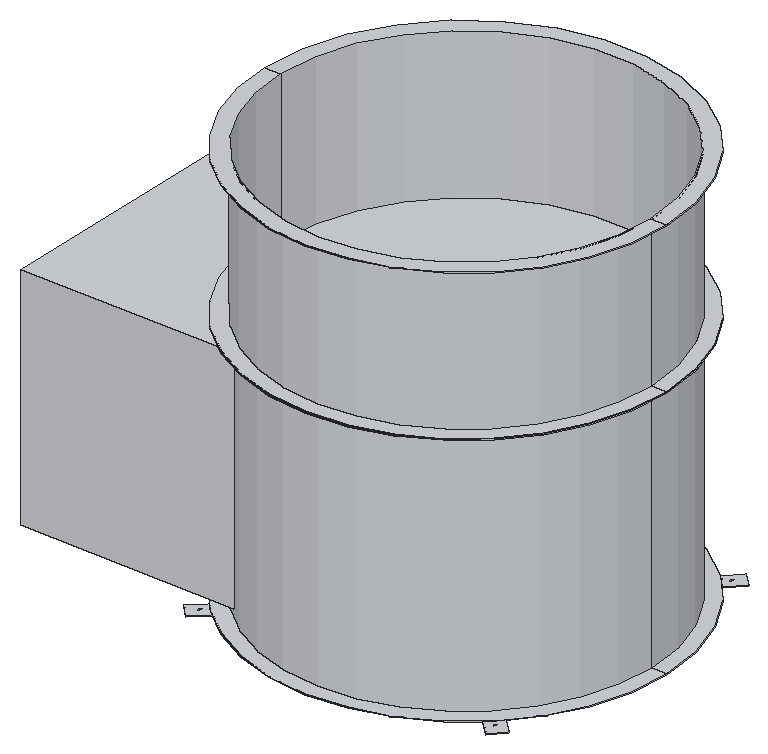
Revit family "AFBV-C_Upblast_Floor_Mount", category Mechanical Equipment, Revit 2019
Family settings
  Round Connector Dimension = Use Radius
  Part Type = Normal
  Work Plane-Based = No
  Always vertical = Yes
  Cut with Voids When Loaded = No
  Shared = No
  Room Calculation Point = No
Parameters (values of type "60_AFBV-C_UPBLAST_FLOOR")
  VANE = 2' - 1"
  Unit Weight [instance] = ""
  ModelID [instance] = ""
  L/2 = L / 2  # 2' - 0 17/32"
  L = 4' - 1 1/16"
  K/2 = K / 2  # 0' - 0 7/32"
  K = 0' - 0 7/16"
  J/2 = J / 2  # 2' - 10 11/16"
  Accessories [instance] = ""
  45 = 45.00°  # constant formula
  (L-1")/2 = (L - 0' 1") / 2  # 2' - 0 1/32"
  (J+(J-A))/2 = (J + ((J - A) / 2)) / 2  # 3' - 0 11/16"
  J = 5' - 9 3/8"
  CENTER = 0' - 0"  # constant formula
  H-(A/2) = H - (A / 2)  # 2' - 0 1/16"
  H+J = H + CENTER  # 4' - 6 3/4"
  H = 4' - 6 3/4"
  Sones [instance] = ""
  Motor RPM [instance] = ""
  Motor Enclosure [instance] = ""
  LwA [instance] = ""
  G = 12' - 0"
  Fan RPM [instance] = ""
  F/2 = F / 2  # 0' - 1 1/2"
  F = 0' - 3"
  E/2 = E / 2  # 1' - 9"
  E-2" = E - 0' 2"  # 3' - 4"
  E = 3' - 6"
  C/2+J = C / 2 + CENTER  # 2' - 7 13/16"
  C/2 = C / 2  # 2' - 7 13/16"
  C = 5' - 3 5/8"
  B/2 = B / 2  # 2' - 9 3/8"
  B = 5' - 6 3/4"
  A/3 = A / 2.5  # 2' - 0.55"
  A/2 = A / 2  # 2' - 6 11/16"
  A = 5' - 1 3/8"
  60 = 60.00°  # constant formula
  30 = 30.00°  # constant formula
  3" = 0' - 3"  # constant formula
  Brake Hp [instance] = ""
  4" = 0' - 4"  # constant formula
  2' = 2' - 0"
  2" = 0' - 2"  # constant formula
  1" = 0' - 1"  # constant formula
  0 = 0' - 0"  # constant formula
  Voltage [instance] = 0 V
  URL = "www.lorencook.com"
  Type Comments = "Tube Axial Fan Upblast Floor Mount Belt Drive Arrangement 9"  # constant formula
  Static Pressure [instance] = 0.00 in-wg
  Power [instance] = Voltage * Motor FLA * sqrt(if(Phase = 3, 3, 1))  # 0 VA
  Phase [instance] = 0
  Number of Poles [instance] = 1
  Motor Hp [instance] = "0"
  Motor FLA [instance] = 0 A
  Model = "AFBV-C"  # constant formula
  Manufacturer = "Loren Cook Company"
  CFM [instance] = 0 CFM
  1.5 = 0' - 1 1/2"  # constant formula
  ONE EIGTH = 0' - 0 1/8"  # constant formula
  -E/2 = -E / 2  # -1' - 9"
  -(E-.25")/2 = -(E - 0' 0 1/4") / 2  # -1' - 8 7/8"
  (K/2)-((J-A-.25")/2) = (K / 2) - ((J - A - 0' 0 1/4") / 2)  # -0' - 3 21/32"
  (J-A-.25") = (J - A - 0' 0 1/4")  # 0' - 7 3/4"
  (H-(A/2))/2 = (H - (A / 2)) / 2  # 1' - 0 1/32"
  (E-.25")/2 = (E - 0' 0 1/4") / 2  # 1' - 8 7/8"
  (A+.25")/2 = (A + 0' 0 1/4") / 2  # 2' - 6 13/16"
Types (12): name | VANE | L/2 | L | K/2 | K | J/2 | (L-1")/2 | (J+(J-A))/2 | J | H-(A/2) | H+J | H | G | F/2 | F | E/2 | E-2" | E | C/2+J | C/2 | C | B/2 | B | A/3 | A/2 | A | -E/2 | -(E-.25")/2 | (K/2)-((J-A-.25")/2) | (J-A-.25") | (H-(A/2))/2 | (E-.25")/2 | (A+.25")/2
  (no name) | 2' - 1" | 2' - 0 17/32" | 4' - 1 1/16" | 0' - 0 7/32" | 0' - 0 7/16" | 2' - 10 11/16" | 2' - 0 1/32" | 3' - 0 11/16" | 5' - 9 3/8" | 2' - 0 1/16" | 4' - 6 3/4" | 4' - 6 3/4" | 12' - 0" | 0' - 1 1/2" | 0' - 3" | 1' - 9" | 3' - 4" | 3' - 6" | 2' - 7 13/16" | 2' - 7 13/16" | 5' - 3 5/8" | 2' - 9 3/8" | 5' - 6 3/4" | 2' - 0.55" | 2' - 6 11/16" | 5' - 1 3/8" | -1' - 9" | -1' - 8 7/8" | -0' - 3 21/32" | 0' - 7 3/4" | 1' - 0 1/32" | 1' - 8 7/8" | 2' - 6 13/16"
  12_AFBV-C_UPBLAST_FLOOR | 0' - 6" | 0' - 6 3/8" | 1' - 0 3/4" | 0' - 0 3/16" | 0' - 0 3/8" | 0' - 9 1/32" | 0' - 5 7/8" | 0' - 10 21/64" | 1' - 6 1/16" | 1' - 6 3/16" | 2' - 0 5/8" | 2' - 0 5/8" | 6' - 0" | 0' - 0 5/32" | 0' - 0 5/16" | 0' - 11" | 1' - 8" | 1' - 10" | 0' - 7 5/16" | 0' - 7 5/16" | 1' - 2 5/8" | 0' - 7 13/16" | 1' - 3 5/8" | 0' - 5.15" | 0' - 6 7/16" | 1' - 0 7/8" | -0' - 11" | -0' - 10 7/8" | -0' - 2 9/32" | 0' - 4 15/16" | 0' - 9 3/32" | 0' - 10 7/8" | 0' - 6 9/16"
  16_AFBV-C_UPBLAST_FLOOR | 0' - 10" | 0' - 7 13/16" | 1' - 3 5/8" | 0' - 0 3/16" | 0' - 0 3/8" | 0' - 11 1/32" | 0' - 7 5/16" | 1' - 0 21/64" | 1' - 10 1/16" | 1' - 9 11/16" | 2' - 6 1/8" | 2' - 6 1/8" | 6' - 0" | 0' - 0 5/32" | 0' - 0 5/16" | 1' - 0 1/2" | 1' - 11" | 2' - 1" | 0' - 9 5/16" | 0' - 9 5/16" | 1' - 6 5/8" | 0' - 9 13/16" | 1' - 7 5/8" | 0' - 6 3/4" | 0' - 8 7/16" | 1' - 4 7/8" | -1' - 0 1/2" | -1' - 0 3/8" | -0' - 2 9/32" | 0' - 4 15/16" | 0' - 10 27/32" | 1' - 0 3/8" | 0' - 8 9/16"
  18_AFBV-C_UPBLAST_FLOOR | 0' - 11" | 0' - 8 1/2" | 1' - 5" | 0' - 0 3/16" | 0' - 0 3/8" | 1' - 0 1/32" | 0' - 8" | 1' - 1 21/64" | 2' - 0 1/16" | 1' - 9 11/16" | 2' - 7 1/8" | 2' - 7 1/8" | 6' - 0" | 0' - 0 5/32" | 0' - 0 5/16" | 1' - 0 1/2" | 1' - 11" | 2' - 1" | 0' - 10 5/16" | 0' - 10 5/16" | 1' - 8 5/8" | 0' - 10 13/16" | 1' - 9 5/8" | 0' - 7.55" | 0' - 9 7/16" | 1' - 6 7/8" | -1' - 0 1/2" | -1' - 0 3/8" | -0' - 2 9/32" | 0' - 4 15/16" | 0' - 10 27/32" | 1' - 0 3/8" | 0' - 9 9/16"
  24_AFBV-C_UPBLAST_FLOOR | 1' - 1" | 0' - 10 7/8" | 1' - 9 3/4" | 0' - 0 3/16" | 0' - 0 3/8" | 1' - 3 13/32" | 0' - 10 3/8" | 1' - 4 57/64" | 2' - 6 13/16" | 2' - 3 7/16" | 3' - 3 7/8" | 3' - 3 7/8" | 6' - 0" | 0' - 0 7/32" | 0' - 0 7/16" | 1' - 3 1/2" | 2' - 5" | 2' - 7" | 1' - 1 7/16" | 1' - 1 7/16" | 2' - 2 7/8" | 1' - 2 9/16" | 2' - 5 1/8" | 0' - 9.95" | 1' - 0 7/16" | 2' - 0 7/8" | -1' - 3 1/2" | -1' - 3 3/8" | -0' - 2 21/32" | 0' - 5 11/16" | 1' - 1 23/32" | 1' - 3 3/8" | 1' - 0 9/16"
  28_AFBV-C_UPBLAST_FLOOR | 1' - 1" | 1' - 0 5/16" | 2' - 0 5/8" | 0' - 0 3/16" | 0' - 0 3/8" | 1' - 5 13/32" | 0' - 11 13/16" | 1' - 6 57/64" | 2' - 10 13/16" | 2' - 3 7/16" | 3' - 5 7/8" | 3' - 5 7/8" | 6' - 0" | 0' - 0 7/32" | 0' - 0 7/16" | 1' - 3 1/2" | 2' - 5" | 2' - 7" | 1' - 3 7/16" | 1' - 3 7/16" | 2' - 6 7/8" | 1' - 4 9/16" | 2' - 9 1/8" | 0' - 11.55" | 1' - 2 7/16" | 2' - 4 7/8" | -1' - 3 1/2" | -1' - 3 3/8" | -0' - 2 21/32" | 0' - 5 11/16" | 1' - 1 23/32" | 1' - 3 3/8" | 1' - 2 9/16"
  32_AFBV-C_UPBLAST_FLOOR | 1' - 3" | 1' - 2 1/8" | 2' - 4 1/4" | 0' - 0 7/32" | 0' - 0 7/16" | 1' - 7 31/32" | 1' - 1 5/8" | 1' - 9 45/64" | 3' - 3 15/16" | 2' - 4 3/4" | 3' - 9 1/4" | 3' - 9 1/4" | 6' - 0" | 0' - 0 7/32" | 0' - 0 7/16" | 1' - 5" | 2' - 8" | 2' - 10" | 1' - 5 1/2" | 1' - 5 1/2" | 2' - 11" | 1' - 6 5/8" | 3' - 1 1/4" | 1' - 1.2" | 1' - 4 1/2" | 2' - 9" | -1' - 5" | -1' - 4 7/8" | -0' - 3 1/8" | 0' - 6 11/16" | 1' - 2 3/8" | 1' - 4 7/8" | 1' - 4 5/8"
  36_AFBV-C_UPBLAST_FLOOR | 1' - 4" | 1' - 3 17/32" | 2' - 7 1/16" | 0' - 0 7/32" | 0' - 0 7/16" | 1' - 9 31/32" | 1' - 3 1/32" | 1' - 11 45/64" | 3' - 7 15/16" | 2' - 4 3/4" | 3' - 11 1/4" | 3' - 11 1/4" | 6' - 0" | 0' - 0 7/32" | 0' - 0 7/16" | 1' - 5" | 2' - 8" | 2' - 10" | 1' - 7 1/2" | 1' - 7 1/2" | 3' - 3" | 1' - 8 11/16" | 3' - 5 3/8" | 1' - 2.8" | 1' - 6 1/2" | 3' - 1" | -1' - 5" | -1' - 4 7/8" | -0' - 3 1/8" | 0' - 6 11/16" | 1' - 2 3/8" | 1' - 4 7/8" | 1' - 6 5/8"
  44_AFBV-C_UPBLAST_FLOOR | 1' - 7" | 1' - 6 3/8" | 3' - 0 3/4" | 0' - 0 7/32" | 0' - 0 7/16" | 2' - 2" | 1' - 5 7/8" | 2' - 3 3/4" | 4' - 4" | 3' - 0 1/4" | 4' - 10 3/4" | 4' - 10 3/4" | 12' - 0" | 0' - 0 7/32" | 0' - 0 7/16" | 1' - 9" | 3' - 4" | 3' - 6" | 1' - 11 3/4" | 1' - 11 3/4" | 3' - 11 1/2" | 2' - 0 11/16" | 4' - 1 3/8" | 1' - 6" | 1' - 10 1/2" | 3' - 9" | -1' - 9" | -1' - 8 7/8" | -0' - 3 5/32" | 0' - 6 3/4" | 1' - 6 1/8" | 1' - 8 7/8" | 1' - 10 5/8"
  48_AFBV-C_UPBLAST_FLOOR | 1' - 10" | 1' - 8 3/16" | 3' - 4 3/8" | 0' - 0 7/32" | 0' - 0 7/16" | 2' - 4 9/16" | 1' - 7 11/16" | 2' - 6 9/16" | 4' - 9 1/8" | 3' - 0 3/16" | 5' - 0 3/4" | 5' - 0 3/4" | 12' - 0" | 0' - 0 7/32" | 0' - 0 7/16" | 1' - 9" | 3' - 4" | 3' - 6" | 2' - 1 13/16" | 2' - 1 13/16" | 4' - 3 5/8" | 2' - 2 3/4" | 4' - 5 1/2" | 1' - 7.65" | 2' - 0 9/16" | 4' - 1 1/8" | -1' - 9" | -1' - 8 7/8" | -0' - 3 21/32" | 0' - 7 3/4" | 1' - 6 3/32" | 1' - 8 7/8" | 2' - 0 11/16"
  54_AFBV-C_UPBLAST_FLOOR | 1' - 11" | 1' - 10 1/2" | 3' - 9" | 0' - 0 7/32" | 0' - 0 7/16" | 2' - 7 13/16" | 1' - 10" | 2' - 9 7/8" | 5' - 3 5/8" | 2' - 0 1/16" | 4' - 3 3/4" | 4' - 3 3/4" | 12' - 0" | 0' - 0 7/32" | 0' - 0 7/16" | 1' - 9" | 3' - 4" | 3' - 6" | 2' - 4 13/16" | 2' - 4 13/16" | 4' - 9 5/8" | 2' - 6 3/8" | 5' - 0 3/4" | 1' - 10.15" | 2' - 3 11/16" | 4' - 7 3/8" | -1' - 9" | -1' - 8 7/8" | -0' - 3 25/32" | 0' - 8" | 1' - 0 1/32" | 1' - 8 7/8" | 2' - 3 13/16"
  60_AFBV-C_UPBLAST_FLOOR | 2' - 1" | 2' - 0 17/32" | 4' - 1 1/16" | 0' - 0 7/32" | 0' - 0 7/16" | 2' - 10 11/16" | 2' - 0 1/32" | 3' - 0 11/16" | 5' - 9 3/8" | 2' - 0 1/16" | 4' - 6 3/4" | 4' - 6 3/4" | 12' - 0" | 0' - 1 1/2" | 0' - 3" | 1' - 9" | 3' - 4" | 3' - 6" | 2' - 7 13/16" | 2' - 7 13/16" | 5' - 3 5/8" | 2' - 9 3/8" | 5' - 6 3/4" | 2' - 0.55" | 2' - 6 11/16" | 5' - 1 3/8" | -1' - 9" | -1' - 8 7/8" | -0' - 3 21/32" | 0' - 7 3/4" | 1' - 0 1/32" | 1' - 8 7/8" | 2' - 6 13/16"
Reference planes (in)
  plane 1 "Center (Front/Back)": y = 0
  plane 2: z = 0
  plane 3 "Center (Left/Right)": x = 0.40541
Forms (in)
  Revolve 1, solid
    sketch origin (0, 0, 0) x (1, 0, 0) y (0, 0, 1)
      loop
        line (0.40541, -21) -> (33.78041, -21) -> (33.78041, -20.875) -> (31.21791, -20.875) -> (31.21791, 20.875) -> (33.78041, 20.875) -> (33.78041, 21) -> (0.40541, 21) -> (0.40541, -21)
      axis (0.40541, -21) -> (0.40541, 21)
    angle from 0 to 360
  Extrusion 2, solid
    sketch origin (0.40541, 0, 20.875) x (1, 0, 0) y (0, -1, 0)
      loop
        arc (-19.28495, -24.03125) -> (-30.8125, 0) -> (-19.28495, 24.03125) r 30.8125
        line (-19.28495, 24.03125) -> (-54.75, 24.03125) -> (-54.75, -24.03125) -> (-19.28495, -24.03125)
    from 40 <- "E-2"" to 2
  Extrusion 3, void
    sketch origin (0, 0, 0) x (1, 0, 0) y (0, 1, 0)
      loop
        circle (0.40541, 0) r 0.125
    from -21 <- "-E/2" to 21 <- "E/2"
  Extrusion 4, solid
    sketch origin (0.40541, 0, -20.875) x (1, 0, 0) y (0, 1, 0)
      loop
        arc (-24.85963, 26.98095) -> (-25.94198, 25.94198) -> (-26.98095, 24.85963) r 36.6875
        line (-26.98095, 24.85963) -> (-24.6365, 22.51518)
        arc (-24.6365, 22.51518) -> (-23.59969, 23.59969) -> (-22.51518, 24.6365) r 33.375
        line (-22.51518, 24.6365) -> (-24.85963, 26.98095)
      loop
        arc (24.85963, -26.98095) -> (25.94198, -25.94198) -> (26.98095, -24.85963) r 36.6875
        line (26.98095, -24.85963) -> (24.6365, -22.51518)
        arc (24.6365, -22.51518) -> (23.59969, -23.59969) -> (22.51518, -24.6365) r 33.375
        line (22.51518, -24.6365) -> (24.85963, -26.98095)
      loop
        arc (-26.98095, -24.85963) -> (-25.94198, -25.94198) -> (-24.85963, -26.98095) r 36.6875
        line (-24.85963, -26.98095) -> (-22.51518, -24.6365)
        arc (-22.51518, -24.6365) -> (-23.59969, -23.59969) -> (-24.6365, -22.51518) r 33.375
        line (-24.6365, -22.51518) -> (-26.98095, -24.85963)
      loop
        arc (26.98095, 24.85963) -> (25.94198, 25.94198) -> (24.85963, 26.98095) r 36.6875
        line (24.85963, 26.98095) -> (22.51518, 24.6365)
        arc (22.51518, 24.6365) -> (23.59969, 23.59969) -> (24.6365, 22.51518) r 33.375
        line (24.6365, 22.51518) -> (26.98095, 24.85963)
    from 0 to -0.125
  Extrusion 5, void
    sketch origin (0, 0, 0) x (1, 0, 0) y (0, 1, 0)
      loop
        circle (24.93666, 24.53125) r 0.21875
      loop
        circle (-24.12584, 24.53125) r 0.21875
      loop
        circle (-24.12584, -24.53125) r 0.21875
      loop
        circle (24.93666, -24.53125) r 0.21875
    from 21 <- "E/2" to -21 <- "-E/2"
  Revolve 6, solid
    sketch origin (0, 0, 0) x (1, 0, 0) y (0, 0, 1)
      loop
        line (31.09291, 21) -> (33.78041, 21) -> (33.78041, 21.125) -> (31.21791, 21.125) -> (31.21791, 45.75) -> (33.78041, 45.75) -> (33.78041, 45.875) -> (31.09291, 45.875) -> (31.09291, 21)
      axis (0.40541, 21) -> (0.40541, 45.875)
    angle from 0 to 360
Cuts and joins
  Extrusion 3, Extrusion 5 cuts Revolve 1
  Extrusion 3, Extrusion 5 cuts Extrusion 2
  Extrusion 5 cuts Extrusion 4
Dimensions and locks (in)
  "0": Revolve 1 sketch curve to plane 3 "Center (Left/Right)"  (x2)
  "(A+.25")/2": Revolve 1 sketch curve to plane 3 "Center (Left/Right)"
  "B/2": Revolve 1 sketch curve to plane 3 "Center (Left/Right)"  (x2)
  "ONE EIGTH": Revolve 1 sketch curve to Revolve 1 sketch curve  (x2)
  "E": Revolve 1 sketch curve to Revolve 1 sketch curve
  "E/2": level to Revolve 1 sketch curve
  "H": Extrusion 2 sketch curve to plane 3 "Center (Left/Right)"
  "(L-1")/2": Extrusion 2 sketch curve to plane 1 "Center (Front/Back)"  (x2)
  "0": Extrusion 2 sketch curve to plane 3 "Center (Left/Right)"
  "0": Extrusion 2 sketch curve to plane 1 "Center (Front/Back)"
  "0": Extrusion 3 sketch curve to plane 3 "Center (Left/Right)"
  "0": plane 1 "Center (Front/Back)" to Extrusion 3 sketch curve
  "0": Extrusion 4 sketch curve to plane 3 "Center (Left/Right)"  (x8)
  "0": Extrusion 4 sketch curve to plane 1 "Center (Front/Back)"  (x8)
  "1.5": plane 3 "Center (Left/Right)" to Extrusion 4 sketch curve  (x3)
  "3"": Extrusion 4 sketch curve to Extrusion 4 sketch curve  (x4)
  "1.5": Extrusion 4 sketch curve to plane 3 "Center (Left/Right)"
  "L/2": plane 3 "Center (Left/Right)" to Extrusion 5 sketch curve  (x4)
  "L/2": plane 1 "Center (Front/Back)" to Extrusion 5 sketch curve  (x4)
  "0": Revolve 6 sketch curve to plane 3 "Center (Left/Right)"
  "0": Revolve 6 sketch curve to cut or joined group of Revolve 1, Extrusion 3, Extrusion 5
  "ONE EIGTH": Revolve 6 sketch curve to Revolve 6 sketch curve  (x3)
  "B/2": plane 3 "Center (Left/Right)" to Revolve 6 sketch curve  (x2)
  "(A+.25")/2": Revolve 6 sketch curve to plane 3 "Center (Left/Right)"
  "VANE": Revolve 6 sketch curve to cut or joined group of Revolve 1, Extrusion 3, Extrusion 5
  "(A+.25")/2": radius of Extrusion 2 sketch curve
  "ONE EIGTH": radius of Extrusion 3 sketch curve
  "(J+(J-A))/2": radius of Extrusion 4 sketch curve  (x4)
  "B/2": radius of Extrusion 4 sketch curve  (x4)
  "K/2": radius of Extrusion 5 sketch curve  (x4)
  "45": angle Extrusion 4 sketch curve to plane 3 "Center (Left/Right)"
  "45": angle Extrusion 4 sketch curve to plane 1 "Center (Front/Back)"  (x2)
  "45": angle plane 1 "Center (Front/Back)" to Extrusion 4 sketch curve
Automatic sketch dimensions
  Revolve 1 sketch curve to Revolve 1 sketch curve = 0' - 0"
  Revolve 1 sketch curve to Revolve 1 sketch curve = 1' - 6"
  Extrusion 2 sketch curve to Extrusion 2 sketch curve = 0' - 0"
  Revolve 6 sketch curve to Revolve 6 sketch curve = 0' - 1 3/4"
  Revolve 6 sketch curve to Revolve 6 sketch curve = 0' - 3 3/4"
Connectors (in)
  electrical at (-36.61206, -24.03125, -0.125)
    settings: on Extrusion 2, index 1, voltage 0 V, apparent load 0 VA, apparent load phase1 0 VA, apparent load phase2 0 VA, apparent load phase3 0 VA, power factor 1, load classification "Other", number of poles 1, system type 30, power factor state 1, is connector primary yes, connector utility no, sub classification motor no, connector description ""
  hvac at (0.40541, 0, -21), driven by "A/2"
    settings: on cut or joined group of Revolve 1, Extrusion 3, Extrusion 5, index 4, duct flow 0 CFM, flow factor 0, pres drop 0.00 in-wg, loss coef 0, conn angle 0.00°, conn width 12", conn height 12", conn diameter 61 3/8", duct sys type 29, conn prof type 0, flow config 0, flow direction 1, loss method 0, conn ref index -1, conn util no, is conn primary yes, conn desc ""
  hvac at (0.40541, 0, 45.875), driven by "A/2"
    settings: on Revolve 6, index 5, duct flow 0 CFM, flow factor 0, pres drop 0.00 in-wg, loss coef 0, conn angle 0.00°, conn width 12", conn height 12", conn diameter 61 3/8", duct sys type 29, conn prof type 0, flow config 0, flow direction 2, loss method 0, conn ref index -1, conn util no, is conn primary no, conn desc ""
